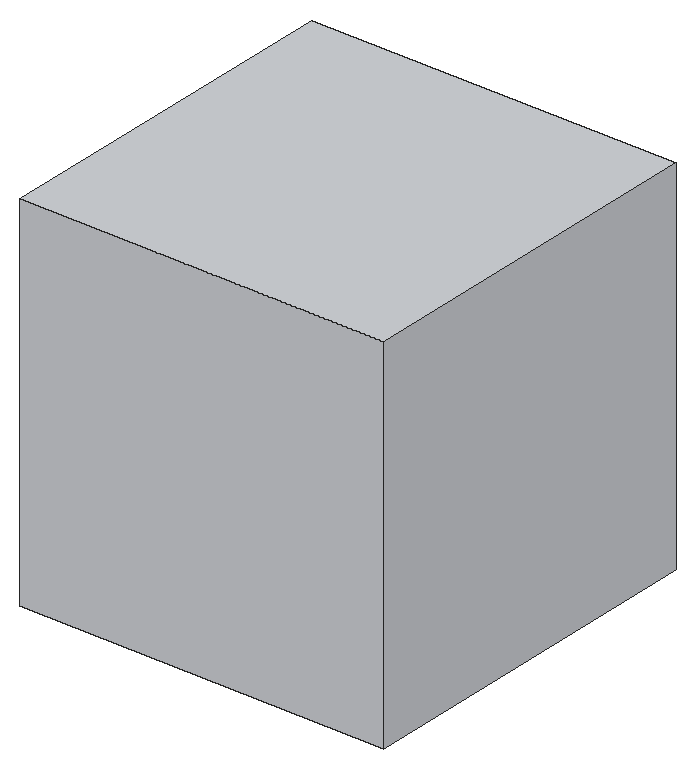
Revit family "Control Point", category Generic Models, Revit 2021
Family settings
  Can host rebar = No
  Round Connector Dimension = Use Diameter
  Part Type = Normal
  Work Plane-Based = No
  Always vertical = Yes
  Cut with Voids When Loaded = No
  Shared = No
  Room Calculation Point = No
Parameters (values of type "WC-1")
  GTP_PointRole_0 [instance] = ""
  GTP_PointNumber_0 [instance] = ""
  GTP_PointElement_0 [instance] = ""
  GTP_LinkedParam_0 [instance] = "GTP_PointNumber_0"
  Default Elevation = 0' - 0"
Reference planes (in)
  plane 1 "Center (Front/Back)": y = 0
  plane 2: z = 0
  plane 3 "Center (Left/Right)": x = 0
  plane 4: y = 5
  plane 5: y = -5
  plane 6: x = -5
  plane 7: x = 5
Lines and regions (in)
  model lines
    curve 1: line (0, -5, 0) -> (0, 5, 0)
    curve 2: line (-5, 0, 0) -> (5, 0, 0)
    curve 3: circle (0, 0, 0) r 1 normal (0, 0, 1)
    curve 4: line (1.83967, -3.69669, 0) -> (1.83967, -0.99613, 0)
    curve 5: line (1.83967, -0.99613, 0) -> (3.18238, -0.99613, 0)
    curve 6: line (1.83967, -2.22114, 0) -> (3.18238, -2.22114, 0)
    curve 7: arc (3.18238, -0.99613, 0) -> (3.79489, -1.60863, 0) -> (3.18238, -2.22114, 0) r 0.61251
    curve 8: arc (-1.68723, 1.60177, 0) -> (-3.98024, 2.56184, 0) -> (-1.84581, 3.83614, 0) r 1.39225
Dimensions and locks (in)
  plane 6 to plane 3 "Center (Left/Right)" to plane 7 = 0' - 5", 0' - 5"
  plane 4 to plane 1 "Center (Front/Back)" to plane 5 = 0' - 5", 0' - 5"
  aligned and locked: plane 2 to level
Nested families (in)
  nested 1: "GTP" at (0, 0, 0), PointNumber <- "GTP_PointNumber_0", PointRole <- "GTP_PointRole_0", PointElement <- "GTP_PointElement_0", LinkedParam <- "GTP_LinkedParam_0", type "Generic Pt"
    with PointType "Generic Pt", PointRole "", PointNumber "", PointNote "", PointElement "", PointDeviationZ 0' - 0", PointDeviationY 0' - 0", PointDeviationX 0' - 0", PointDeviation 0' - 0", PointDescription "", LinkedParam "GTP_PointNumber_0"
Definition of nested family "GTP"
  Parameters (values of type "Control Pt")
    URL = ""
    PointType [instance] = ""
    PointRole [instance] = "Control Point"
    PointNumber [instance] = ""
    PointNote [instance] = ""
    PointElement [instance] = ""
    PointDeviationZ [instance] = 0' - 0"
    PointDeviationY [instance] = 0' - 0"
    PointDeviationX [instance] = 0' - 0"
    PointDeviation [instance] = 0' - 0"
    PointDescription [instance] = "Control Pt"
    Manufacturer = "Autodesk Inc."
    LinkedParam [instance] = ""
    Default Elevation = 0' - 0"
  Types (9): name | PointRole | PointDescription
    (no name) | "Control Point" | "Control Pt"
    Generic Pt | "Stake Out" | "Generic Pt"
    Wall Pt | "Stake Out" | "Wall Pt"
    Duct Pt | "Stake Out" | "Duct Pt"
    Sleeve Pt | "Stake Out" | "Sleeve Pt"
    Pipe Pt | "Stake Out" | "Pipe Pt"
    Electrical Pt | "Stake Out" | "Electrical Pt"
    Control Pt | "Control Point" | "Control Pt"
    Door Pt | "Stake Out" | "Door Pt"
  Reference planes (in)
    plane 1 "Center (Front/Back)": y = 0
    plane 2: z = 0
    plane 3 "Center (Left/Right)": x = 0
  Forms (in)
    Extrusion 1, solid, detail levels medium+fine
      sketch origin (0, 0, 0) x (1, 0, 0) y (0, 1, 0)
        loop
          line (0.5, -0.5) -> (0.5, 0.5) -> (-0.5, 0.5) -> (-0.5, -0.5) -> (0.5, -0.5)
      from -0.5 to 0.5
  Lines and regions (in)
    model lines, detail levels coarse+medium
      curve 1: line (0, 0.5, 0) -> (0, 0, 0)
      curve 2: line (-0.5, 0, 0) -> (0, 0, 0)
      curve 3: line (0, 0, -0.5) -> (0, 0, 0)
      curve 4: line (0, 0, 0) -> (0.5, 0, 0)
      curve 5: line (0, 0, 0) -> (0, -0.5, 0)
      curve 6: line (0, 0, 0) -> (0, 0, 0.5)
